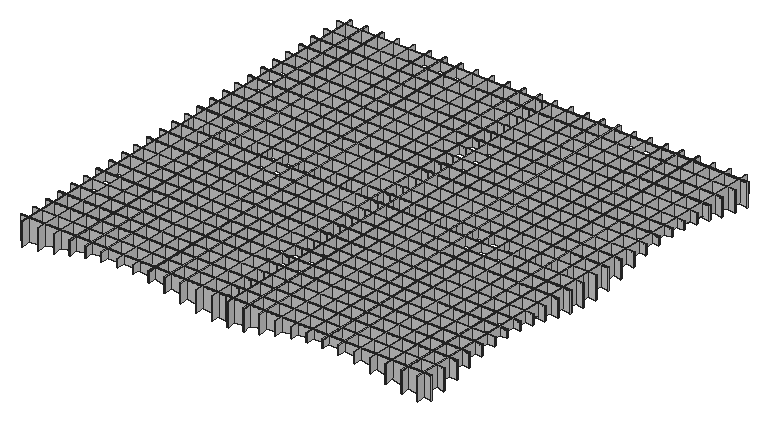
Revit family "CLD-WFL-002_RFA", category Modelos genéricos, Revit 2022 (continued)
Forms (in)
  Extrusion 255, solid
    sketch origin (0, 211.97211, 0) x (1, 0, 0) y (0, 0, 1)
      loop
        spline (62.07278, 7.38525) -> (62.80971, 7.33115) -> (63.54587, 7.27259) -> (64.28121, 7.20951) -> (65.01566, 7.14186) -> (65.74917, 7.06957) -> (66.48169, 6.99259) -> (67.21316, 6.91086) -> (67.94353, 6.82432) -> (68.67277, 6.73297) -> (69.40093, 6.637) -> (70.12806, 6.53658) -> (70.85422, 6.4319)
        spline (70.85422, 6.4319) -> (71.51051, 6.33081) -> (72.16604, 6.22628) -> (72.82086, 6.11849) -> (73.47503, 6.00761) -> (74.12859, 5.89382) -> (74.78159, 5.7773) -> (75.43409, 5.65821) -> (76.08613, 5.53673) -> (76.73777, 5.41305) -> (77.38906, 5.28733) -> (78.04005, 5.15975) -> (78.69078, 5.03049)
        spline (78.69078, 5.03049) -> (79.42214, 4.88265) -> (80.15338, 4.73345) -> (80.88454, 4.58309) -> (81.6157, 4.43177) -> (82.3469, 4.27969) -> (83.07823, 4.12703) -> (83.80973, 3.97401) -> (84.54148, 3.82083) -> (85.27354, 3.66767) -> (86.00597, 3.51473) -> (86.73884, 3.36223) -> (87.47222, 3.21035)
        spline (87.47222, 3.21035) -> (88.12098, 3.07725) -> (88.77034, 2.94516) -> (89.42035, 2.81427) -> (90.07106, 2.68474) -> (90.72253, 2.55674) -> (91.37482, 2.43044) -> (92.02798, 2.30602) -> (92.68208, 2.18365) -> (93.33715, 2.0635) -> (93.99327, 1.94575) -> (94.65048, 1.83055) -> (95.30878, 1.71798)
        spline (95.30878, 1.71798) -> (96.03651, 1.59857) -> (96.76522, 1.48186) -> (97.49484, 1.36779) -> (98.2253, 1.25631) -> (98.95653, 1.14734) -> (99.68844, 1.04084) -> (100.42096, 0.93675) -> (101.15403, 0.83501) -> (101.88757, 0.73557) -> (102.62149, 0.63835) -> (103.35573, 0.54331) -> (104.09022, 0.45039)
        spline (104.09022, 0.45039) -> (104.41609, 0.41056) -> (104.74197, 0.37118) -> (105.06787, 0.33222) -> (105.39376, 0.29369) -> (105.71965, 0.25557) -> (106.04553, 0.21788) -> (106.37138, 0.18058) -> (106.6972, 0.14369) -> (107.02298, 0.10719) -> (107.34871, 0.07108) -> (107.67439, 0.03535) -> (108, 0)
        line (108, 0) -> (108, 11.82144)
    from -0.11811 to 0.35433
  Extrusion 256, solid
    sketch origin (3.79167, 216, 0) x (0, -1, 0) y (0, 0, 1)
      loop
        line (108, 11.82144) -> (0, 11.82144) -> (0, 0)
        spline (0, 0) -> (0.32561, 0.03535) -> (0.65129, 0.07108) -> (0.97702, 0.10719) -> (1.3028, 0.14369) -> (1.62862, 0.18058) -> (1.95447, 0.21788) -> (2.28035, 0.25557) -> (2.60624, 0.29369) -> (2.93213, 0.33222) -> (3.25803, 0.37118) -> (3.58391, 0.41056) -> (3.90978, 0.45039)
        spline (3.90978, 0.45039) -> (4.64427, 0.54331) -> (5.37851, 0.63835) -> (6.11243, 0.73557) -> (6.84597, 0.83501) -> (7.57904, 0.93675) -> (8.31156, 1.04084) -> (9.04347, 1.14734) -> (9.7747, 1.25631) -> (10.50516, 1.36779) -> (11.23478, 1.48186) -> (11.96349, 1.59857) -> (12.69122, 1.71798)
        spline (12.69122, 1.71798) -> (13.38922, 1.83797) -> (14.08606, 1.96074) -> (14.78174, 2.08623) -> (15.47631, 2.21426) -> (16.16984, 2.34463) -> (16.86238, 2.47718) -> (17.55399, 2.61172) -> (18.24473, 2.74807) -> (18.93467, 2.88604) -> (19.62386, 3.02546) -> (20.31235, 3.16614) -> (21.00022, 3.30789)
        spline (21.00022, 3.30789) -> (21.65469, 3.44372) -> (22.3087, 3.5801) -> (22.96232, 3.71687) -> (23.61561, 3.85384) -> (24.26863, 3.99083) -> (24.92142, 4.12768) -> (25.57405, 4.2642) -> (26.22658, 4.40021) -> (26.87906, 4.53554) -> (27.53155, 4.67001) -> (28.18411, 4.80344) -> (28.83678, 4.93566)
        spline (28.83678, 4.93566) -> (29.71888, 5.11051) -> (30.60133, 5.28308) -> (31.48418, 5.45313) -> (32.36752, 5.62042) -> (33.25139, 5.78471) -> (34.13589, 5.94577) -> (35.02106, 6.10336) -> (35.90699, 6.25724) -> (36.79374, 6.40717) -> (37.68137, 6.55291) -> (38.56997, 6.69423) -> (39.45958, 6.83089)
        spline (39.45958, 6.83089) -> (39.81456, 6.88206) -> (40.17002, 6.93114) -> (40.52597, 6.97806) -> (40.88246, 7.0227) -> (41.2395, 7.065) -> (41.59707, 7.10495) -> (41.95516, 7.14258) -> (42.31373, 7.17791) -> (42.67277, 7.21097) -> (43.03223, 7.2418) -> (43.3921, 7.27043) -> (43.75234, 7.29687)
        spline (43.75234, 7.29687) -> (44.62318, 7.35197) -> (45.49474, 7.40207) -> (46.36696, 7.44722) -> (47.23979, 7.48751) -> (48.11314, 7.52299) -> (48.98697, 7.55374) -> (49.8612, 7.57983) -> (50.73577, 7.60132) -> (51.61063, 7.61828) -> (52.48569, 7.63078) -> (53.36091, 7.63889) -> (54.23622, 7.64268)
        spline (54.23622, 7.64268) -> (54.8905, 7.63994) -> (55.54471, 7.63396) -> (56.19881, 7.62471) -> (56.85275, 7.61212) -> (57.50648, 7.59614) -> (58.15996, 7.57673) -> (58.81313, 7.55383) -> (59.46596, 7.5274) -> (60.11838, 7.49738) -> (60.77036, 7.46371) -> (61.42184, 7.42635) -> (62.07278, 7.38525)
        spline (62.07278, 7.38525) -> (62.80971, 7.33115) -> (63.54587, 7.27259) -> (64.28121, 7.20951) -> (65.01566, 7.14186) -> (65.74917, 7.06957) -> (66.48169, 6.99259) -> (67.21316, 6.91086) -> (67.94353, 6.82432) -> (68.67277, 6.73297) -> (69.40093, 6.637) -> (70.12806, 6.53658) -> (70.85422, 6.4319)
        spline (70.85422, 6.4319) -> (71.51051, 6.33081) -> (72.16604, 6.22628) -> (72.82086, 6.11849) -> (73.47503, 6.00761) -> (74.12859, 5.89382) -> (74.78159, 5.7773) -> (75.43409, 5.65821) -> (76.08613, 5.53673) -> (76.73777, 5.41305) -> (77.38906, 5.28733) -> (78.04005, 5.15975) -> (78.69078, 5.03049)
        spline (78.69078, 5.03049) -> (79.42214, 4.88265) -> (80.15338, 4.73345) -> (80.88454, 4.58309) -> (81.6157, 4.43177) -> (82.3469, 4.27969) -> (83.07823, 4.12703) -> (83.80973, 3.97401) -> (84.54148, 3.82083) -> (85.27354, 3.66767) -> (86.00597, 3.51473) -> (86.73884, 3.36223) -> (87.47222, 3.21035)
        spline (87.47222, 3.21035) -> (88.12098, 3.07725) -> (88.77034, 2.94516) -> (89.42035, 2.81427) -> (90.07106, 2.68474) -> (90.72253, 2.55674) -> (91.37482, 2.43044) -> (92.02798, 2.30602) -> (92.68208, 2.18365) -> (93.33715, 2.0635) -> (93.99327, 1.94575) -> (94.65048, 1.83055) -> (95.30878, 1.71798)
        spline (95.30878, 1.71798) -> (96.03651, 1.59857) -> (96.76522, 1.48186) -> (97.49484, 1.36779) -> (98.2253, 1.25631) -> (98.95653, 1.14734) -> (99.68844, 1.04084) -> (100.42096, 0.93675) -> (101.15403, 0.83501) -> (101.88757, 0.73557) -> (102.62149, 0.63835) -> (103.35573, 0.54331) -> (104.09022, 0.45039)
        spline (104.09022, 0.45039) -> (104.41609, 0.41056) -> (104.74197, 0.37118) -> (105.06787, 0.33222) -> (105.39376, 0.29369) -> (105.71965, 0.25557) -> (106.04553, 0.21788) -> (106.37138, 0.18058) -> (106.6972, 0.14369) -> (107.02298, 0.10719) -> (107.34871, 0.07108) -> (107.67439, 0.03535) -> (108, 0)
        line (108, 0) -> (108, 11.82144)
    from -0.11811 to 0
  Extrusion 257, solid
    sketch origin (4.38222, 216, 0) x (0, -1, 0) y (0, 0, 1)
      loop
        line (108, 11.82144) -> (0, 11.82144) -> (0, 0)
        spline (0, 0) -> (0.32561, 0.03535) -> (0.65129, 0.07108) -> (0.97702, 0.10719) -> (1.3028, 0.14369) -> (1.62862, 0.18058) -> (1.95447, 0.21788) -> (2.28035, 0.25557) -> (2.60624, 0.29369) -> (2.93213, 0.33222) -> (3.25803, 0.37118) -> (3.58391, 0.41056) -> (3.90978, 0.45039)
        spline (3.90978, 0.45039) -> (4.64427, 0.54331) -> (5.37851, 0.63835) -> (6.11243, 0.73557) -> (6.84597, 0.83501) -> (7.57904, 0.93675) -> (8.31156, 1.04084) -> (9.04347, 1.14734) -> (9.7747, 1.25631) -> (10.50516, 1.36779) -> (11.23478, 1.48186) -> (11.96349, 1.59857) -> (12.69122, 1.71798)
        spline (12.69122, 1.71798) -> (13.38922, 1.83797) -> (14.08606, 1.96074) -> (14.78174, 2.08623) -> (15.47631, 2.21426) -> (16.16984, 2.34463) -> (16.86238, 2.47718) -> (17.55399, 2.61172) -> (18.24473, 2.74807) -> (18.93467, 2.88604) -> (19.62386, 3.02546) -> (20.31235, 3.16614) -> (21.00022, 3.30789)
        spline (21.00022, 3.30789) -> (21.65469, 3.44372) -> (22.3087, 3.5801) -> (22.96232, 3.71687) -> (23.61561, 3.85384) -> (24.26863, 3.99083) -> (24.92142, 4.12768) -> (25.57405, 4.2642) -> (26.22658, 4.40021) -> (26.87906, 4.53554) -> (27.53155, 4.67001) -> (28.18411, 4.80344) -> (28.83678, 4.93566)
        spline (28.83678, 4.93566) -> (29.71888, 5.11051) -> (30.60133, 5.28308) -> (31.48418, 5.45313) -> (32.36752, 5.62042) -> (33.25139, 5.78471) -> (34.13589, 5.94577) -> (35.02106, 6.10336) -> (35.90699, 6.25724) -> (36.79374, 6.40717) -> (37.68137, 6.55291) -> (38.56997, 6.69423) -> (39.45958, 6.83089)
        spline (39.45958, 6.83089) -> (39.81456, 6.88206) -> (40.17002, 6.93114) -> (40.52597, 6.97806) -> (40.88246, 7.0227) -> (41.2395, 7.065) -> (41.59707, 7.10495) -> (41.95516, 7.14258) -> (42.31373, 7.17791) -> (42.67277, 7.21097) -> (43.03223, 7.2418) -> (43.3921, 7.27043) -> (43.75234, 7.29687)
        spline (43.75234, 7.29687) -> (44.62318, 7.35197) -> (45.49474, 7.40207) -> (46.36696, 7.44722) -> (47.23979, 7.48751) -> (48.11314, 7.52299) -> (48.98697, 7.55374) -> (49.8612, 7.57983) -> (50.73577, 7.60132) -> (51.61063, 7.61828) -> (52.48569, 7.63078) -> (53.36091, 7.63889) -> (54.23622, 7.64268)
        spline (54.23622, 7.64268) -> (54.8905, 7.63994) -> (55.54471, 7.63396) -> (56.19881, 7.62471) -> (56.85275, 7.61212) -> (57.50648, 7.59614) -> (58.15996, 7.57673) -> (58.81313, 7.55383) -> (59.46596, 7.5274) -> (60.11838, 7.49738) -> (60.77036, 7.46371) -> (61.42184, 7.42635) -> (62.07278, 7.38525)
        spline (62.07278, 7.38525) -> (62.80971, 7.33115) -> (63.54587, 7.27259) -> (64.28121, 7.20951) -> (65.01566, 7.14186) -> (65.74917, 7.06957) -> (66.48169, 6.99259) -> (67.21316, 6.91086) -> (67.94353, 6.82432) -> (68.67277, 6.73297) -> (69.40093, 6.637) -> (70.12806, 6.53658) -> (70.85422, 6.4319)
        spline (70.85422, 6.4319) -> (71.51051, 6.33081) -> (72.16604, 6.22628) -> (72.82086, 6.11849) -> (73.47503, 6.00761) -> (74.12859, 5.89382) -> (74.78159, 5.7773) -> (75.43409, 5.65821) -> (76.08613, 5.53673) -> (76.73777, 5.41305) -> (77.38906, 5.28733) -> (78.04005, 5.15975) -> (78.69078, 5.03049)
        spline (78.69078, 5.03049) -> (79.42214, 4.88265) -> (80.15338, 4.73345) -> (80.88454, 4.58309) -> (81.6157, 4.43177) -> (82.3469, 4.27969) -> (83.07823, 4.12703) -> (83.80973, 3.97401) -> (84.54148, 3.82083) -> (85.27354, 3.66767) -> (86.00597, 3.51473) -> (86.73884, 3.36223) -> (87.47222, 3.21035)
        spline (87.47222, 3.21035) -> (88.12098, 3.07725) -> (88.77034, 2.94516) -> (89.42035, 2.81427) -> (90.07106, 2.68474) -> (90.72253, 2.55674) -> (91.37482, 2.43044) -> (92.02798, 2.30602) -> (92.68208, 2.18365) -> (93.33715, 2.0635) -> (93.99327, 1.94575) -> (94.65048, 1.83055) -> (95.30878, 1.71798)
        spline (95.30878, 1.71798) -> (96.03651, 1.59857) -> (96.76522, 1.48186) -> (97.49484, 1.36779) -> (98.2253, 1.25631) -> (98.95653, 1.14734) -> (99.68844, 1.04084) -> (100.42096, 0.93675) -> (101.15403, 0.83501) -> (101.88757, 0.73557) -> (102.62149, 0.63835) -> (103.35573, 0.54331) -> (104.09022, 0.45039)
        spline (104.09022, 0.45039) -> (104.41609, 0.41056) -> (104.74197, 0.37118) -> (105.06787, 0.33222) -> (105.39376, 0.29369) -> (105.71965, 0.25557) -> (106.04553, 0.21788) -> (106.37138, 0.18058) -> (106.6972, 0.14369) -> (107.02298, 0.10719) -> (107.34871, 0.07108) -> (107.67439, 0.03535) -> (108, 0)
        line (108, 0) -> (108, 11.82144)
    from -0.11811 to 0
  Extrusion 258, solid
    sketch origin (4.26411, 216, 0) x (0, -1, 0) y (0, 0, 1)
      loop
        line (108, 11.82144) -> (0, 11.82144) -> (0, 0)
        spline (0, 0) -> (0.32561, 0.03535) -> (0.65129, 0.07108) -> (0.97702, 0.10719) -> (1.3028, 0.14369) -> (1.62862, 0.18058) -> (1.95447, 0.21788) -> (2.28035, 0.25557) -> (2.60624, 0.29369) -> (2.93213, 0.33222) -> (3.25803, 0.37118) -> (3.58391, 0.41056) -> (3.90978, 0.45039)
        spline (3.90978, 0.45039) -> (4.64427, 0.54331) -> (5.37851, 0.63835) -> (6.11243, 0.73557) -> (6.84597, 0.83501) -> (7.57904, 0.93675) -> (8.31156, 1.04084) -> (9.04347, 1.14734) -> (9.7747, 1.25631) -> (10.50516, 1.36779) -> (11.23478, 1.48186) -> (11.96349, 1.59857) -> (12.69122, 1.71798)
        spline (12.69122, 1.71798) -> (13.38922, 1.83797) -> (14.08606, 1.96074) -> (14.78174, 2.08623) -> (15.47631, 2.21426) -> (16.16984, 2.34463) -> (16.86238, 2.47718) -> (17.55399, 2.61172) -> (18.24473, 2.74807) -> (18.93467, 2.88604) -> (19.62386, 3.02546) -> (20.31235, 3.16614) -> (21.00022, 3.30789)
        spline (21.00022, 3.30789) -> (21.65469, 3.44372) -> (22.3087, 3.5801) -> (22.96232, 3.71687) -> (23.61561, 3.85384) -> (24.26863, 3.99083) -> (24.92142, 4.12768) -> (25.57405, 4.2642) -> (26.22658, 4.40021) -> (26.87906, 4.53554) -> (27.53155, 4.67001) -> (28.18411, 4.80344) -> (28.83678, 4.93566)
        spline (28.83678, 4.93566) -> (29.71888, 5.11051) -> (30.60133, 5.28308) -> (31.48418, 5.45313) -> (32.36752, 5.62042) -> (33.25139, 5.78471) -> (34.13589, 5.94577) -> (35.02106, 6.10336) -> (35.90699, 6.25724) -> (36.79374, 6.40717) -> (37.68137, 6.55291) -> (38.56997, 6.69423) -> (39.45958, 6.83089)
        spline (39.45958, 6.83089) -> (39.81456, 6.88206) -> (40.17002, 6.93114) -> (40.52597, 6.97806) -> (40.88246, 7.0227) -> (41.2395, 7.065) -> (41.59707, 7.10495) -> (41.95516, 7.14258) -> (42.31373, 7.17791) -> (42.67277, 7.21097) -> (43.03223, 7.2418) -> (43.3921, 7.27043) -> (43.75234, 7.29687)
        spline (43.75234, 7.29687) -> (44.62318, 7.35197) -> (45.49474, 7.40207) -> (46.36696, 7.44722) -> (47.23979, 7.48751) -> (48.11314, 7.52299) -> (48.98697, 7.55374) -> (49.8612, 7.57983) -> (50.73577, 7.60132) -> (51.61063, 7.61828) -> (52.48569, 7.63078) -> (53.36091, 7.63889) -> (54.23622, 7.64268)
        spline (54.23622, 7.64268) -> (54.8905, 7.63994) -> (55.54471, 7.63396) -> (56.19881, 7.62471) -> (56.85275, 7.61212) -> (57.50648, 7.59614) -> (58.15996, 7.57673) -> (58.81313, 7.55383) -> (59.46596, 7.5274) -> (60.11838, 7.49738) -> (60.77036, 7.46371) -> (61.42184, 7.42635) -> (62.07278, 7.38525)
        spline (62.07278, 7.38525) -> (62.80971, 7.33115) -> (63.54587, 7.27259) -> (64.28121, 7.20951) -> (65.01566, 7.14186) -> (65.74917, 7.06957) -> (66.48169, 6.99259) -> (67.21316, 6.91086) -> (67.94353, 6.82432) -> (68.67277, 6.73297) -> (69.40093, 6.637) -> (70.12806, 6.53658) -> (70.85422, 6.4319)
        spline (70.85422, 6.4319) -> (71.51051, 6.33081) -> (72.16604, 6.22628) -> (72.82086, 6.11849) -> (73.47503, 6.00761) -> (74.12859, 5.89382) -> (74.78159, 5.7773) -> (75.43409, 5.65821) -> (76.08613, 5.53673) -> (76.73777, 5.41305) -> (77.38906, 5.28733) -> (78.04005, 5.15975) -> (78.69078, 5.03049)
        spline (78.69078, 5.03049) -> (79.42214, 4.88265) -> (80.15338, 4.73345) -> (80.88454, 4.58309) -> (81.6157, 4.43177) -> (82.3469, 4.27969) -> (83.07823, 4.12703) -> (83.80973, 3.97401) -> (84.54148, 3.82083) -> (85.27354, 3.66767) -> (86.00597, 3.51473) -> (86.73884, 3.36223) -> (87.47222, 3.21035)
        spline (87.47222, 3.21035) -> (88.12098, 3.07725) -> (88.77034, 2.94516) -> (89.42035, 2.81427) -> (90.07106, 2.68474) -> (90.72253, 2.55674) -> (91.37482, 2.43044) -> (92.02798, 2.30602) -> (92.68208, 2.18365) -> (93.33715, 2.0635) -> (93.99327, 1.94575) -> (94.65048, 1.83055) -> (95.30878, 1.71798)
        spline (95.30878, 1.71798) -> (96.03651, 1.59857) -> (96.76522, 1.48186) -> (97.49484, 1.36779) -> (98.2253, 1.25631) -> (98.95653, 1.14734) -> (99.68844, 1.04084) -> (100.42096, 0.93675) -> (101.15403, 0.83501) -> (101.88757, 0.73557) -> (102.62149, 0.63835) -> (103.35573, 0.54331) -> (104.09022, 0.45039)
        spline (104.09022, 0.45039) -> (104.41609, 0.41056) -> (104.74197, 0.37118) -> (105.06787, 0.33222) -> (105.39376, 0.29369) -> (105.71965, 0.25557) -> (106.04553, 0.21788) -> (106.37138, 0.18058) -> (106.6972, 0.14369) -> (107.02298, 0.10719) -> (107.34871, 0.07108) -> (107.67439, 0.03535) -> (108, 0)
        line (108, 0) -> (108, 11.82144)
    from -0.11811 to 0.35433
  Extrusion 259, solid
    sketch origin (12.10067, 216, 0) x (0, -1, 0) y (0, 0, 1)
      loop
        line (108, 11.82144) -> (0, 11.82144) -> (0, 0.88375)
        spline (0, 0.88375) -> (0.32561, 0.94348) -> (0.65129, 1.00296) -> (0.97702, 1.06219) -> (1.3028, 1.12116) -> (1.62862, 1.1799) -> (1.95447, 1.23838) -> (2.28035, 1.29662) -> (2.60624, 1.35462) -> (2.93213, 1.41237) -> (3.25803, 1.46988) -> (3.58391, 1.52715) -> (3.90978, 1.58418)
        spline (3.90978, 1.58418) -> (4.64426, 1.71122) -> (5.37851, 1.8372) -> (6.11243, 1.96212) -> (6.84596, 2.086) -> (7.57903, 2.20885) -> (8.31155, 2.33067) -> (9.04347, 2.45149) -> (9.77469, 2.57131) -> (10.50515, 2.69014) -> (11.23478, 2.80798) -> (11.96349, 2.92486) -> (12.69122, 3.04079)
        spline (12.69122, 3.04079) -> (13.34952, 3.14441) -> (14.00673, 3.24717) -> (14.66285, 3.34906) -> (15.31792, 3.45005) -> (15.97202, 3.55011) -> (16.62518, 3.64921) -> (17.27747, 3.74732) -> (17.92894, 3.8444) -> (18.57965, 3.94043) -> (19.22966, 4.03537) -> (19.87902, 4.12919) -> (20.52778, 4.22187)
        spline (20.52778, 4.22187) -> (21.26116, 4.32437) -> (21.99403, 4.42546) -> (22.72646, 4.52511) -> (23.45852, 4.62328) -> (24.19027, 4.71993) -> (24.92177, 4.81503) -> (25.6531, 4.90854) -> (26.3843, 5.00042) -> (27.11545, 5.09065) -> (27.84662, 5.17918) -> (28.57786, 5.26598) -> (29.30922, 5.35101)
        spline (29.30922, 5.35101) -> (29.95995, 5.42391) -> (30.61094, 5.49516) -> (31.26223, 5.56472) -> (31.91387, 5.63257) -> (32.56591, 5.69867) -> (33.21841, 5.763) -> (33.87141, 5.82551) -> (34.52497, 5.88618) -> (35.17914, 5.94498) -> (35.83396, 6.00187) -> (36.48949, 6.05683) -> (37.14578, 6.10982)
        spline (37.14578, 6.10982) -> (37.87194, 6.16453) -> (38.59907, 6.21702) -> (39.32723, 6.26723) -> (40.05647, 6.31514) -> (40.78684, 6.36072) -> (41.51831, 6.40397) -> (42.25083, 6.44489) -> (42.98434, 6.4835) -> (43.71879, 6.51981) -> (44.45413, 6.55383) -> (45.19029, 6.58557) -> (45.92722, 6.61503)
        spline (45.92722, 6.61503) -> (46.57816, 6.6376) -> (47.22964, 6.65822) -> (47.88162, 6.67689) -> (48.53404, 6.69363) -> (49.18687, 6.70845) -> (49.84004, 6.72134) -> (50.49352, 6.73234) -> (51.14725, 6.74143) -> (51.80119, 6.74863) -> (52.45529, 6.75396) -> (53.1095, 6.75742) -> (53.76378, 6.75901)
        spline (53.76378, 6.75901) -> (54.49695, 6.7572) -> (55.23004, 6.75331) -> (55.96301, 6.74732) -> (56.6958, 6.73922) -> (57.42835, 6.72901) -> (58.16062, 6.71667) -> (58.89255, 6.7022) -> (59.62408, 6.68557) -> (60.35517, 6.66679) -> (61.08576, 6.64585) -> (61.81579, 6.62272) -> (62.54522, 6.59741)
        spline (62.54522, 6.59741) -> (63.20286, 6.57112) -> (63.85981, 6.54281) -> (64.51602, 6.51247) -> (65.17144, 6.48008) -> (65.82603, 6.44563) -> (66.47973, 6.40912) -> (67.1325, 6.37054) -> (67.78428, 6.32988) -> (68.43505, 6.28713) -> (69.08486, 6.24233) -> (69.73376, 6.19551) -> (70.38178, 6.14669)
        spline (70.38178, 6.14669) -> (71.1172, 6.08737) -> (71.85177, 6.02584) -> (72.58554, 5.96214) -> (73.31858, 5.89631) -> (74.05094, 5.82838) -> (74.78268, 5.75838) -> (75.51386, 5.68636) -> (76.24452, 5.61234) -> (76.97473, 5.53637) -> (77.70455, 5.45847) -> (78.43403, 5.37869) -> (79.16322, 5.29705)
        spline (79.16322, 5.29705) -> (79.81589, 5.22111) -> (80.46845, 5.14359) -> (81.12094, 5.06452) -> (81.77342, 4.98394) -> (82.42595, 4.90188) -> (83.07858, 4.81837) -> (83.73137, 4.73344) -> (84.38439, 4.64713) -> (85.03768, 4.55947) -> (85.6913, 4.47048) -> (86.34531, 4.3802) -> (86.99978, 4.28866)
        spline (86.99978, 4.28866) -> (87.72677, 4.18488) -> (88.45442, 4.07981) -> (89.1828, 3.97349) -> (89.91197, 3.86595) -> (90.64199, 3.75723) -> (91.37293, 3.64737) -> (92.10485, 3.53639) -> (92.8378, 3.42433) -> (93.57186, 3.31123) -> (94.30709, 3.19712) -> (95.04354, 3.08203) -> (95.78122, 2.96599)
        spline (95.78122, 2.96599) -> (96.4698, 2.85601) -> (97.15931, 2.74512) -> (97.84968, 2.63332) -> (98.54085, 2.52058) -> (99.23273, 2.40692) -> (99.92527, 2.2923) -> (100.61838, 2.17673) -> (101.31201, 2.06019) -> (102.00608, 1.94268) -> (102.70052, 1.82418) -> (103.39525, 1.70469) -> (104.09022, 1.58418)
        spline (104.09022, 1.58418) -> (104.41609, 1.52715) -> (104.74197, 1.46988) -> (105.06787, 1.41237) -> (105.39376, 1.35462) -> (105.71965, 1.29662) -> (106.04553, 1.23838) -> (106.37138, 1.1799) -> (106.6972, 1.12116) -> (107.02298, 1.06219) -> (107.34871, 1.00296) -> (107.67439, 0.94348) -> (108, 0.88375)
        line (108, 0.88375) -> (108, 11.82144)
    from -0.11811 to 0
  Extrusion 260, solid
    sketch origin (12.57311, 216, 0) x (0, -1, 0) y (0, 0, 1)
      loop
        line (108, 11.82144) -> (0, 11.82144) -> (0, 0.88375)
        spline (0, 0.88375) -> (0.32561, 0.94348) -> (0.65129, 1.00296) -> (0.97702, 1.06219) -> (1.3028, 1.12116) -> (1.62862, 1.1799) -> (1.95447, 1.23838) -> (2.28035, 1.29662) -> (2.60624, 1.35462) -> (2.93213, 1.41237) -> (3.25803, 1.46988) -> (3.58391, 1.52715) -> (3.90978, 1.58418)
        spline (3.90978, 1.58418) -> (4.64426, 1.71122) -> (5.37851, 1.8372) -> (6.11243, 1.96212) -> (6.84596, 2.086) -> (7.57903, 2.20885) -> (8.31155, 2.33067) -> (9.04347, 2.45149) -> (9.77469, 2.57131) -> (10.50515, 2.69014) -> (11.23478, 2.80798) -> (11.96349, 2.92486) -> (12.69122, 3.04079)
        spline (12.69122, 3.04079) -> (13.34952, 3.14441) -> (14.00673, 3.24717) -> (14.66285, 3.34906) -> (15.31792, 3.45005) -> (15.97202, 3.55011) -> (16.62518, 3.64921) -> (17.27747, 3.74732) -> (17.92894, 3.8444) -> (18.57965, 3.94043) -> (19.22966, 4.03537) -> (19.87902, 4.12919) -> (20.52778, 4.22187)
        spline (20.52778, 4.22187) -> (21.26116, 4.32437) -> (21.99403, 4.42546) -> (22.72646, 4.52511) -> (23.45852, 4.62328) -> (24.19027, 4.71993) -> (24.92177, 4.81503) -> (25.6531, 4.90854) -> (26.3843, 5.00042) -> (27.11545, 5.09065) -> (27.84662, 5.17918) -> (28.57786, 5.26598) -> (29.30922, 5.35101)
        spline (29.30922, 5.35101) -> (29.95995, 5.42391) -> (30.61094, 5.49516) -> (31.26223, 5.56472) -> (31.91387, 5.63257) -> (32.56591, 5.69867) -> (33.21841, 5.763) -> (33.87141, 5.82551) -> (34.52497, 5.88618) -> (35.17914, 5.94498) -> (35.83396, 6.00187) -> (36.48949, 6.05683) -> (37.14578, 6.10982)
        spline (37.14578, 6.10982) -> (37.87194, 6.16453) -> (38.59907, 6.21702) -> (39.32723, 6.26723) -> (40.05647, 6.31514) -> (40.78684, 6.36072) -> (41.51831, 6.40397) -> (42.25083, 6.44489) -> (42.98434, 6.4835) -> (43.71879, 6.51981) -> (44.45413, 6.55383) -> (45.19029, 6.58557) -> (45.92722, 6.61503)
        spline (45.92722, 6.61503) -> (46.57816, 6.6376) -> (47.22964, 6.65822) -> (47.88162, 6.67689) -> (48.53404, 6.69363) -> (49.18687, 6.70845) -> (49.84004, 6.72134) -> (50.49352, 6.73234) -> (51.14725, 6.74143) -> (51.80119, 6.74863) -> (52.45529, 6.75396) -> (53.1095, 6.75742) -> (53.76378, 6.75901)
        spline (53.76378, 6.75901) -> (54.49695, 6.7572) -> (55.23004, 6.75331) -> (55.96301, 6.74732) -> (56.6958, 6.73922) -> (57.42835, 6.72901) -> (58.16062, 6.71667) -> (58.89255, 6.7022) -> (59.62408, 6.68557) -> (60.35517, 6.66679) -> (61.08576, 6.64585) -> (61.81579, 6.62272) -> (62.54522, 6.59741)
        spline (62.54522, 6.59741) -> (63.20286, 6.57112) -> (63.85981, 6.54281) -> (64.51602, 6.51247) -> (65.17144, 6.48008) -> (65.82603, 6.44563) -> (66.47973, 6.40912) -> (67.1325, 6.37054) -> (67.78428, 6.32988) -> (68.43505, 6.28713) -> (69.08486, 6.24233) -> (69.73376, 6.19551) -> (70.38178, 6.14669)
        spline (70.38178, 6.14669) -> (71.1172, 6.08737) -> (71.85177, 6.02584) -> (72.58554, 5.96214) -> (73.31858, 5.89631) -> (74.05094, 5.82838) -> (74.78268, 5.75838) -> (75.51386, 5.68636) -> (76.24452, 5.61234) -> (76.97473, 5.53637) -> (77.70455, 5.45847) -> (78.43403, 5.37869) -> (79.16322, 5.29705)
        spline (79.16322, 5.29705) -> (79.81589, 5.22111) -> (80.46845, 5.14359) -> (81.12094, 5.06452) -> (81.77342, 4.98394) -> (82.42595, 4.90188) -> (83.07858, 4.81837) -> (83.73137, 4.73344) -> (84.38439, 4.64713) -> (85.03768, 4.55947) -> (85.6913, 4.47048) -> (86.34531, 4.3802) -> (86.99978, 4.28866)
        spline (86.99978, 4.28866) -> (87.72677, 4.18488) -> (88.45442, 4.07981) -> (89.1828, 3.97349) -> (89.91197, 3.86595) -> (90.64199, 3.75723) -> (91.37293, 3.64737) -> (92.10485, 3.53639) -> (92.8378, 3.42433) -> (93.57186, 3.31123) -> (94.30709, 3.19712) -> (95.04354, 3.08203) -> (95.78122, 2.96599)
        spline (95.78122, 2.96599) -> (96.4698, 2.85601) -> (97.15931, 2.74512) -> (97.84968, 2.63332) -> (98.54085, 2.52058) -> (99.23273, 2.40692) -> (99.92527, 2.2923) -> (100.61838, 2.17673) -> (101.31201, 2.06019) -> (102.00608, 1.94268) -> (102.70052, 1.82418) -> (103.39525, 1.70469) -> (104.09022, 1.58418)
        spline (104.09022, 1.58418) -> (104.41609, 1.52715) -> (104.74197, 1.46988) -> (105.06787, 1.41237) -> (105.39376, 1.35462) -> (105.71965, 1.29662) -> (106.04553, 1.23838) -> (106.37138, 1.1799) -> (106.6972, 1.12116) -> (107.02298, 1.06219) -> (107.34871, 1.00296) -> (107.67439, 0.94348) -> (108, 0.88375)
        line (108, 0.88375) -> (108, 11.82144)
    from -0.11811 to 0.35433
  Extrusion 261, solid
    sketch origin (20.40967, 216, 0) x (0, -1, 0) y (0, 0, 1)
      loop
        line (108, 11.82144) -> (0, 11.82144) -> (0, 2.55729)
        spline (0, 2.55729) -> (0.32561, 2.61504) -> (0.65129, 2.67215) -> (0.97702, 2.72862) -> (1.3028, 2.78445) -> (1.62862, 2.83963) -> (1.95447, 2.89415) -> (2.28035, 2.94802) -> (2.60624, 3.00123) -> (2.93213, 3.05379) -> (3.25803, 3.10567) -> (3.58391, 3.15689) -> (3.90978, 3.20744)
        spline (3.90978, 3.20744) -> (4.64427, 3.31686) -> (5.37851, 3.42317) -> (6.11243, 3.52634) -> (6.84596, 3.62635) -> (7.57903, 3.72316) -> (8.31156, 3.81675) -> (9.04347, 3.90709) -> (9.77469, 3.99415) -> (10.50515, 4.07789) -> (11.23478, 4.1583) -> (11.96349, 4.23534) -> (12.69122, 4.30898)
        spline (12.69122, 4.30898) -> (13.34952, 4.37039) -> (14.00673, 4.4286) -> (14.66285, 4.48364) -> (15.31792, 4.53559) -> (15.97202, 4.58455) -> (16.62518, 4.63059) -> (17.27747, 4.67381) -> (17.92894, 4.71429) -> (18.57965, 4.75212) -> (19.22966, 4.78738) -> (19.87902, 4.82016) -> (20.52778, 4.85054)
        spline (20.52778, 4.85054) -> (21.26115, 4.88062) -> (21.99402, 4.90823) -> (22.72646, 4.93347) -> (23.45851, 4.95644) -> (24.19026, 4.97724) -> (24.92176, 4.99598) -> (25.65309, 5.01275) -> (26.38429, 5.02764) -> (27.11545, 5.04077) -> (27.84661, 5.05223) -> (28.57785, 5.06211) -> (29.30922, 5.07053)
        spline (29.30922, 5.07053) -> (29.95995, 5.07584) -> (30.61094, 5.08009) -> (31.26223, 5.08336) -> (31.91387, 5.08574) -> (32.56591, 5.08733) -> (33.21841, 5.0882) -> (33.87141, 5.08846) -> (34.52497, 5.08817) -> (35.17914, 5.08744) -> (35.83396, 5.08636) -> (36.48949, 5.085) -> (37.14578, 5.08346)
        spline (37.14578, 5.08346) -> (37.87194, 5.08165) -> (38.59907, 5.0799) -> (39.32723, 5.0783) -> (40.05647, 5.07696) -> (40.78684, 5.07594) -> (41.51831, 5.07527) -> (42.25083, 5.07491) -> (42.98434, 5.07483) -> (43.7188, 5.075) -> (44.45413, 5.07538) -> (45.19029, 5.07596) -> (45.92722, 5.0767)
        spline (45.92722, 5.0767) -> (46.57816, 5.07753) -> (47.22964, 5.07843) -> (47.88162, 5.07937) -> (48.53404, 5.08033) -> (49.18687, 5.08128) -> (49.84004, 5.0822) -> (50.49352, 5.08306) -> (51.14725, 5.08383) -> (51.80119, 5.0845) -> (52.45529, 5.08503) -> (53.1095, 5.0854) -> (53.76378, 5.08558)
        spline (53.76378, 5.08558) -> (54.49695, 5.08542) -> (55.23004, 5.08505) -> (55.96301, 5.0845) -> (56.6958, 5.0838) -> (57.42835, 5.08298) -> (58.16062, 5.08206) -> (58.89255, 5.08107) -> (59.62408, 5.08005) -> (60.35517, 5.07902) -> (61.08576, 5.07801) -> (61.81579, 5.07705) -> (62.54522, 5.07616)
        spline (62.54522, 5.07616) -> (63.20286, 5.07551) -> (63.85981, 5.075) -> (64.51602, 5.07466) -> (65.17144, 5.07452) -> (65.82603, 5.0746) -> (66.47973, 5.07493) -> (67.1325, 5.07554) -> (67.78428, 5.07645) -> (68.43505, 5.07766) -> (69.08486, 5.07909) -> (69.73376, 5.08066) -> (70.38178, 5.08229)
        spline (70.38178, 5.08229) -> (71.1172, 5.08386) -> (71.85177, 5.08523) -> (72.58555, 5.08629) -> (73.31859, 5.08695) -> (74.05095, 5.08712) -> (74.78269, 5.08668) -> (75.51386, 5.08555) -> (76.24453, 5.08362) -> (76.97474, 5.08079) -> (77.70455, 5.07697) -> (78.43403, 5.07206) -> (79.16322, 5.06596)
        spline (79.16322, 5.06596) -> (79.81589, 5.05858) -> (80.46845, 5.04989) -> (81.12094, 5.0398) -> (81.77342, 5.02821) -> (82.42595, 5.01505) -> (83.07858, 5.00022) -> (83.73137, 4.98363) -> (84.38439, 4.9652) -> (85.03768, 4.94483) -> (85.6913, 4.92244) -> (86.34531, 4.89793) -> (86.99978, 4.87123)
        spline (86.99978, 4.87123) -> (87.72677, 4.83707) -> (88.45442, 4.80022) -> (89.18281, 4.7606) -> (89.91198, 4.7181) -> (90.642, 4.67263) -> (91.37294, 4.62408) -> (92.10486, 4.57237) -> (92.83781, 4.5174) -> (93.57187, 4.45907) -> (94.3071, 4.39728) -> (95.04355, 4.33194) -> (95.78122, 4.26301)
        spline (95.78122, 4.26301) -> (96.43065, 4.19725) -> (97.08095, 4.12847) -> (97.73207, 4.05667) -> (98.38393, 3.9819) -> (99.03648, 3.90417) -> (99.68963, 3.82352) -> (100.34334, 3.73996) -> (100.99753, 3.65352) -> (101.65213, 3.56424) -> (102.30709, 3.47213) -> (102.96233, 3.37722) -> (103.61778, 3.27954)
        spline (103.61778, 3.27954) -> (103.98302, 3.22342) -> (104.34828, 3.16655) -> (104.71355, 3.10893) -> (105.07882, 3.05057) -> (105.44409, 2.99146) -> (105.80934, 2.93162) -> (106.17456, 2.87105) -> (106.53976, 2.80974) -> (106.9049, 2.74771) -> (107.27, 2.68496) -> (107.63504, 2.62148) -> (108, 2.55729)
        line (108, 2.55729) -> (108, 11.82144)
    from -0.11811 to 0
  Extrusion 262, solid
    sketch origin (20.52778, 216, 0) x (0, -1, 0) y (0, 0, 1)
      loop
        line (108, 11.82144) -> (0, 11.82144) -> (0, 2.55729)
        spline (0, 2.55729) -> (0.32561, 2.61504) -> (0.65129, 2.67215) -> (0.97702, 2.72862) -> (1.3028, 2.78445) -> (1.62862, 2.83963) -> (1.95447, 2.89415) -> (2.28035, 2.94802) -> (2.60624, 3.00123) -> (2.93213, 3.05379) -> (3.25803, 3.10567) -> (3.58391, 3.15689) -> (3.90978, 3.20744)
        spline (3.90978, 3.20744) -> (4.64427, 3.31686) -> (5.37851, 3.42317) -> (6.11243, 3.52634) -> (6.84596, 3.62635) -> (7.57903, 3.72316) -> (8.31156, 3.81675) -> (9.04347, 3.90709) -> (9.77469, 3.99415) -> (10.50515, 4.07789) -> (11.23478, 4.1583) -> (11.96349, 4.23534) -> (12.69122, 4.30898)
        spline (12.69122, 4.30898) -> (13.34952, 4.37039) -> (14.00673, 4.4286) -> (14.66285, 4.48364) -> (15.31792, 4.53559) -> (15.97202, 4.58455) -> (16.62518, 4.63059) -> (17.27747, 4.67381) -> (17.92894, 4.71429) -> (18.57965, 4.75212) -> (19.22966, 4.78738) -> (19.87902, 4.82016) -> (20.52778, 4.85054)
        spline (20.52778, 4.85054) -> (21.26115, 4.88062) -> (21.99402, 4.90823) -> (22.72646, 4.93347) -> (23.45851, 4.95644) -> (24.19026, 4.97724) -> (24.92176, 4.99598) -> (25.65309, 5.01275) -> (26.38429, 5.02764) -> (27.11545, 5.04077) -> (27.84661, 5.05223) -> (28.57785, 5.06211) -> (29.30922, 5.07053)
        spline (29.30922, 5.07053) -> (29.95995, 5.07584) -> (30.61094, 5.08009) -> (31.26223, 5.08336) -> (31.91387, 5.08574) -> (32.56591, 5.08733) -> (33.21841, 5.0882) -> (33.87141, 5.08846) -> (34.52497, 5.08817) -> (35.17914, 5.08744) -> (35.83396, 5.08636) -> (36.48949, 5.085) -> (37.14578, 5.08346)
        spline (37.14578, 5.08346) -> (37.87194, 5.08165) -> (38.59907, 5.0799) -> (39.32723, 5.0783) -> (40.05647, 5.07696) -> (40.78684, 5.07594) -> (41.51831, 5.07527) -> (42.25083, 5.07491) -> (42.98434, 5.07483) -> (43.7188, 5.075) -> (44.45413, 5.07538) -> (45.19029, 5.07596) -> (45.92722, 5.0767)
        spline (45.92722, 5.0767) -> (46.57816, 5.07753) -> (47.22964, 5.07843) -> (47.88162, 5.07937) -> (48.53404, 5.08033) -> (49.18687, 5.08128) -> (49.84004, 5.0822) -> (50.49352, 5.08306) -> (51.14725, 5.08383) -> (51.80119, 5.0845) -> (52.45529, 5.08503) -> (53.1095, 5.0854) -> (53.76378, 5.08558)
        spline (53.76378, 5.08558) -> (54.49695, 5.08542) -> (55.23004, 5.08505) -> (55.96301, 5.0845) -> (56.6958, 5.0838) -> (57.42835, 5.08298) -> (58.16062, 5.08206) -> (58.89255, 5.08107) -> (59.62408, 5.08005) -> (60.35517, 5.07902) -> (61.08576, 5.07801) -> (61.81579, 5.07705) -> (62.54522, 5.07616)
        spline (62.54522, 5.07616) -> (63.20286, 5.07551) -> (63.85981, 5.075) -> (64.51602, 5.07466) -> (65.17144, 5.07452) -> (65.82603, 5.0746) -> (66.47973, 5.07493) -> (67.1325, 5.07554) -> (67.78428, 5.07645) -> (68.43505, 5.07766) -> (69.08486, 5.07909) -> (69.73376, 5.08066) -> (70.38178, 5.08229)
        spline (70.38178, 5.08229) -> (71.1172, 5.08386) -> (71.85177, 5.08523) -> (72.58555, 5.08629) -> (73.31859, 5.08695) -> (74.05095, 5.08712) -> (74.78269, 5.08668) -> (75.51386, 5.08555) -> (76.24453, 5.08362) -> (76.97474, 5.08079) -> (77.70455, 5.07697) -> (78.43403, 5.07206) -> (79.16322, 5.06596)
        spline (79.16322, 5.06596) -> (79.81589, 5.05858) -> (80.46845, 5.04989) -> (81.12094, 5.0398) -> (81.77342, 5.02821) -> (82.42595, 5.01505) -> (83.07858, 5.00022) -> (83.73137, 4.98363) -> (84.38439, 4.9652) -> (85.03768, 4.94483) -> (85.6913, 4.92244) -> (86.34531, 4.89793) -> (86.99978, 4.87123)
        spline (86.99978, 4.87123) -> (87.72677, 4.83707) -> (88.45442, 4.80022) -> (89.18281, 4.7606) -> (89.91198, 4.7181) -> (90.642, 4.67263) -> (91.37294, 4.62408) -> (92.10486, 4.57237) -> (92.83781, 4.5174) -> (93.57187, 4.45907) -> (94.3071, 4.39728) -> (95.04355, 4.33194) -> (95.78122, 4.26301)
        spline (95.78122, 4.26301) -> (96.43065, 4.19725) -> (97.08095, 4.12847) -> (97.73207, 4.05667) -> (98.38393, 3.9819) -> (99.03648, 3.90417) -> (99.68963, 3.82352) -> (100.34334, 3.73996) -> (100.99753, 3.65352) -> (101.65213, 3.56424) -> (102.30709, 3.47213) -> (102.96233, 3.37722) -> (103.61778, 3.27954)
        spline (103.61778, 3.27954) -> (103.98302, 3.22342) -> (104.34828, 3.16655) -> (104.71355, 3.10893) -> (105.07882, 3.05057) -> (105.44409, 2.99146) -> (105.80934, 2.93162) -> (106.17456, 2.87105) -> (106.53976, 2.80974) -> (106.9049, 2.74771) -> (107.27, 2.68496) -> (107.63504, 2.62148) -> (108, 2.55729)
        line (108, 2.55729) -> (108, 11.82144)
    from -0.47244 to 0
  Extrusion 263, solid
    sketch origin (28.71867, 216, 0) x (0, -1, 0) y (0, 0, 1)
      loop
        line (108, 11.82144) -> (0, 11.82144) -> (0, 4.58891)
        spline (0, 4.58891) -> (0.32561, 4.62796) -> (0.65129, 4.66617) -> (0.97702, 4.70353) -> (1.3028, 4.74004) -> (1.62862, 4.77569) -> (1.95447, 4.81048) -> (2.28035, 4.84439) -> (2.60624, 4.87743) -> (2.93213, 4.90957) -> (3.25803, 4.94083) -> (3.58391, 4.97119) -> (3.90978, 5.00064)
        spline (3.90978, 5.00064) -> (4.64427, 5.06081) -> (5.37851, 5.11675) -> (6.11244, 5.16838) -> (6.84597, 5.21566) -> (7.57904, 5.25851) -> (8.31157, 5.29688) -> (9.04348, 5.33072) -> (9.7747, 5.35995) -> (10.50516, 5.38452) -> (11.23478, 5.40437) -> (11.96349, 5.41944) -> (12.69122, 5.42966)
        spline (12.69122, 5.42966) -> (13.34952, 5.43128) -> (14.00673, 5.42829) -> (14.66285, 5.42076) -> (15.31792, 5.40886) -> (15.97202, 5.39278) -> (16.62518, 5.37269) -> (17.27747, 5.34877) -> (17.92894, 5.32119) -> (18.57965, 5.29014) -> (19.22966, 5.2558) -> (19.87902, 5.21833) -> (20.52778, 5.17793)
        spline (20.52778, 5.17793) -> (21.26115, 5.12722) -> (21.99402, 5.0737) -> (22.72645, 5.01759) -> (23.45851, 4.95908) -> (24.19025, 4.89838) -> (24.92176, 4.8357) -> (25.65308, 4.77124) -> (26.38429, 4.70521) -> (27.11544, 4.63782) -> (27.84661, 4.56926) -> (28.57785, 4.49975) -> (29.30922, 4.42949)
        spline (29.30922, 4.42949) -> (29.95995, 4.366) -> (30.61094, 4.30234) -> (31.26223, 4.2387) -> (31.91387, 4.17525) -> (32.56591, 4.11218) -> (33.21841, 4.04966) -> (33.87141, 3.98789) -> (34.52497, 3.92703) -> (35.17914, 3.86728) -> (35.83396, 3.80881) -> (36.48949, 3.75181) -> (37.14578, 3.69645)
        spline (37.14578, 3.69645) -> (37.87194, 3.63892) -> (38.59907, 3.58371) -> (39.32723, 3.53102) -> (40.05647, 3.48105) -> (40.78684, 3.43397) -> (41.51831, 3.38979) -> (42.25083, 3.34845) -> (42.98434, 3.30989) -> (43.7188, 3.27405) -> (44.45413, 3.24086) -> (45.19029, 3.21027) -> (45.92722, 3.18221)
        spline (45.92722, 3.18221) -> (46.57816, 3.16116) -> (47.22964, 3.14217) -> (47.88162, 3.12519) -> (48.53404, 3.11017) -> (49.18687, 3.09705) -> (49.84004, 3.08579) -> (50.49352, 3.07632) -> (51.14725, 3.06859) -> (51.80119, 3.06255) -> (52.45529, 3.05816) -> (53.1095, 3.05535) -> (53.76378, 3.05407)
        spline (53.76378, 3.05407) -> (54.49695, 3.0556) -> (55.23004, 3.05885) -> (55.96301, 3.06387) -> (56.6958, 3.07073) -> (57.42836, 3.07948) -> (58.16062, 3.09019) -> (58.89255, 3.10292) -> (59.62409, 3.11771) -> (60.35517, 3.13464) -> (61.08576, 3.15376) -> (61.81579, 3.17514) -> (62.54522, 3.19882)
        spline (62.54522, 3.19882) -> (63.20286, 3.22386) -> (63.85981, 3.25117) -> (64.51602, 3.28078) -> (65.17144, 3.31277) -> (65.82603, 3.34719) -> (66.47973, 3.38408) -> (67.1325, 3.42351) -> (67.78428, 3.46553) -> (68.43505, 3.51013) -> (69.08486, 3.55715) -> (69.73376, 3.60642) -> (70.38178, 3.65777)
        spline (70.38178, 3.65777) -> (71.1172, 3.71948) -> (71.85176, 3.78304) -> (72.58554, 3.84824) -> (73.31858, 3.91488) -> (74.05094, 3.98275) -> (74.78268, 4.05166) -> (75.51385, 4.12139) -> (76.24452, 4.19176) -> (76.97473, 4.26254) -> (77.70455, 4.33354) -> (78.43403, 4.40456) -> (79.16322, 4.47539)
        spline (79.16322, 4.47539) -> (79.80403, 4.53723) -> (80.44473, 4.59841) -> (81.08536, 4.65876) -> (81.72599, 4.7181) -> (82.36666, 4.77623) -> (83.00743, 4.83299) -> (83.64836, 4.88819) -> (84.28951, 4.94166) -> (84.93093, 4.9932) -> (85.57267, 5.04265) -> (86.21481, 5.08982) -> (86.85738, 5.13453)
        spline (86.85738, 5.13453) -> (87.59614, 5.18092) -> (88.33559, 5.22395) -> (89.07577, 5.26344) -> (89.81676, 5.29917) -> (90.55862, 5.33094) -> (91.30141, 5.35856) -> (92.04519, 5.38181) -> (92.79004, 5.4005) -> (93.53601, 5.41442) -> (94.28316, 5.42338) -> (95.03157, 5.42716) -> (95.78122, 5.4257)
        spline (95.78122, 5.4257) -> (96.43065, 5.41648) -> (97.08095, 5.40294) -> (97.73207, 5.38513) -> (98.38393, 5.36311) -> (99.03648, 5.33693) -> (99.68963, 5.30665) -> (100.34334, 5.27231) -> (100.99753, 5.23398) -> (101.65213, 5.19169) -> (102.30709, 5.14552) -> (102.96233, 5.09551) -> (103.61778, 5.04172)
        spline (103.61778, 5.04172) -> (103.98301, 5.00943) -> (104.34827, 4.97613) -> (104.71354, 4.94182) -> (105.07881, 4.90651) -> (105.44407, 4.8702) -> (105.80932, 4.83291) -> (106.17455, 4.79465) -> (106.53974, 4.75541) -> (106.90489, 4.71521) -> (107.26999, 4.67406) -> (107.63503, 4.63196) -> (108, 4.58891)
        line (108, 4.58891) -> (108, 11.82144)
    from -0.11811 to 0
  Extrusion 264, solid
    sketch origin (28.83678, 216, 0) x (0, -1, 0) y (0, 0, 1)
      loop
        line (108, 11.82144) -> (0, 11.82144) -> (0, 4.58891)
        spline (0, 4.58891) -> (0.32561, 4.62796) -> (0.65129, 4.66617) -> (0.97702, 4.70353) -> (1.3028, 4.74004) -> (1.62862, 4.77569) -> (1.95447, 4.81048) -> (2.28035, 4.84439) -> (2.60624, 4.87743) -> (2.93213, 4.90957) -> (3.25803, 4.94083) -> (3.58391, 4.97119) -> (3.90978, 5.00064)
        spline (3.90978, 5.00064) -> (4.64427, 5.06081) -> (5.37851, 5.11675) -> (6.11244, 5.16838) -> (6.84597, 5.21566) -> (7.57904, 5.25851) -> (8.31157, 5.29688) -> (9.04348, 5.33072) -> (9.7747, 5.35995) -> (10.50516, 5.38452) -> (11.23478, 5.40437) -> (11.96349, 5.41944) -> (12.69122, 5.42966)
        spline (12.69122, 5.42966) -> (13.34952, 5.43128) -> (14.00673, 5.42829) -> (14.66285, 5.42076) -> (15.31792, 5.40886) -> (15.97202, 5.39278) -> (16.62518, 5.37269) -> (17.27747, 5.34877) -> (17.92894, 5.32119) -> (18.57965, 5.29014) -> (19.22966, 5.2558) -> (19.87902, 5.21833) -> (20.52778, 5.17793)
        spline (20.52778, 5.17793) -> (21.26115, 5.12722) -> (21.99402, 5.0737) -> (22.72645, 5.01759) -> (23.45851, 4.95908) -> (24.19025, 4.89838) -> (24.92176, 4.8357) -> (25.65308, 4.77124) -> (26.38429, 4.70521) -> (27.11544, 4.63782) -> (27.84661, 4.56926) -> (28.57785, 4.49975) -> (29.30922, 4.42949)
        spline (29.30922, 4.42949) -> (29.95995, 4.366) -> (30.61094, 4.30234) -> (31.26223, 4.2387) -> (31.91387, 4.17525) -> (32.56591, 4.11218) -> (33.21841, 4.04966) -> (33.87141, 3.98789) -> (34.52497, 3.92703) -> (35.17914, 3.86728) -> (35.83396, 3.80881) -> (36.48949, 3.75181) -> (37.14578, 3.69645)
        spline (37.14578, 3.69645) -> (37.87194, 3.63892) -> (38.59907, 3.58371) -> (39.32723, 3.53102) -> (40.05647, 3.48105) -> (40.78684, 3.43397) -> (41.51831, 3.38979) -> (42.25083, 3.34845) -> (42.98434, 3.30989) -> (43.7188, 3.27405) -> (44.45413, 3.24086) -> (45.19029, 3.21027) -> (45.92722, 3.18221)
        spline (45.92722, 3.18221) -> (46.57816, 3.16116) -> (47.22964, 3.14217) -> (47.88162, 3.12519) -> (48.53404, 3.11017) -> (49.18687, 3.09705) -> (49.84004, 3.08579) -> (50.49352, 3.07632) -> (51.14725, 3.06859) -> (51.80119, 3.06255) -> (52.45529, 3.05816) -> (53.1095, 3.05535) -> (53.76378, 3.05407)
        spline (53.76378, 3.05407) -> (54.49695, 3.0556) -> (55.23004, 3.05885) -> (55.96301, 3.06387) -> (56.6958, 3.07073) -> (57.42836, 3.07948) -> (58.16062, 3.09019) -> (58.89255, 3.10292) -> (59.62409, 3.11771) -> (60.35517, 3.13464) -> (61.08576, 3.15376) -> (61.81579, 3.17514) -> (62.54522, 3.19882)
        spline (62.54522, 3.19882) -> (63.20286, 3.22386) -> (63.85981, 3.25117) -> (64.51602, 3.28078) -> (65.17144, 3.31277) -> (65.82603, 3.34719) -> (66.47973, 3.38408) -> (67.1325, 3.42351) -> (67.78428, 3.46553) -> (68.43505, 3.51013) -> (69.08486, 3.55715) -> (69.73376, 3.60642) -> (70.38178, 3.65777)
        spline (70.38178, 3.65777) -> (71.1172, 3.71948) -> (71.85176, 3.78304) -> (72.58554, 3.84824) -> (73.31858, 3.91488) -> (74.05094, 3.98275) -> (74.78268, 4.05166) -> (75.51385, 4.12139) -> (76.24452, 4.19176) -> (76.97473, 4.26254) -> (77.70455, 4.33354) -> (78.43403, 4.40456) -> (79.16322, 4.47539)
        spline (79.16322, 4.47539) -> (79.80403, 4.53723) -> (80.44473, 4.59841) -> (81.08536, 4.65876) -> (81.72599, 4.7181) -> (82.36666, 4.77623) -> (83.00743, 4.83299) -> (83.64836, 4.88819) -> (84.28951, 4.94166) -> (84.93093, 4.9932) -> (85.57267, 5.04265) -> (86.21481, 5.08982) -> (86.85738, 5.13453)
        spline (86.85738, 5.13453) -> (87.59614, 5.18092) -> (88.33559, 5.22395) -> (89.07577, 5.26344) -> (89.81676, 5.29917) -> (90.55862, 5.33094) -> (91.30141, 5.35856) -> (92.04519, 5.38181) -> (92.79004, 5.4005) -> (93.53601, 5.41442) -> (94.28316, 5.42338) -> (95.03157, 5.42716) -> (95.78122, 5.4257)
        spline (95.78122, 5.4257) -> (96.43065, 5.41648) -> (97.08095, 5.40294) -> (97.73207, 5.38513) -> (98.38393, 5.36311) -> (99.03648, 5.33693) -> (99.68963, 5.30665) -> (100.34334, 5.27231) -> (100.99753, 5.23398) -> (101.65213, 5.19169) -> (102.30709, 5.14552) -> (102.96233, 5.09551) -> (103.61778, 5.04172)
        spline (103.61778, 5.04172) -> (103.98301, 5.00943) -> (104.34827, 4.97613) -> (104.71354, 4.94182) -> (105.07881, 4.90651) -> (105.44407, 4.8702) -> (105.80932, 4.83291) -> (106.17455, 4.79465) -> (106.53974, 4.75541) -> (106.90489, 4.71521) -> (107.26999, 4.67406) -> (107.63503, 4.63196) -> (108, 4.58891)
        line (108, 4.58891) -> (108, 11.82144)
    from -0.47244 to 0
  Extrusion 265, solid
    sketch origin (37.02767, 216, 0) x (0, -1, 0) y (0, 0, 1)
      loop
        line (108, 11.82144) -> (0, 11.82144) -> (0, 6.40455)
        spline (0, 6.40455) -> (0.32561, 6.42139) -> (0.65129, 6.43729) -> (0.97702, 6.45226) -> (1.3028, 6.46628) -> (1.62862, 6.47935) -> (1.95447, 6.49146) -> (2.28035, 6.50259) -> (2.60624, 6.51274) -> (2.93213, 6.52189) -> (3.25803, 6.53005) -> (3.58391, 6.5372) -> (3.90978, 6.54334)
        spline (3.90978, 6.54334) -> (4.64427, 6.55011) -> (5.37852, 6.55208) -> (6.11244, 6.54917) -> (6.84598, 6.5413) -> (7.57905, 6.52839) -> (8.31157, 6.51035) -> (9.04349, 6.4871) -> (9.77471, 6.45856) -> (10.50517, 6.42465) -> (11.23479, 6.38528) -> (11.9635, 6.34038) -> (12.69122, 6.28985)
        spline (12.69122, 6.28985) -> (13.34952, 6.23514) -> (14.00673, 6.17505) -> (14.66285, 6.10968) -> (15.31792, 6.03926) -> (15.97202, 5.96405) -> (16.62518, 5.88427) -> (17.27747, 5.80017) -> (17.92894, 5.712) -> (18.57965, 5.62) -> (19.22966, 5.52441) -> (19.87902, 5.42547) -> (20.52778, 5.32343)
        spline (20.52778, 5.32343) -> (21.26115, 5.20293) -> (21.99402, 5.07965) -> (22.72645, 4.95385) -> (23.4585, 4.82583) -> (24.19025, 4.69586) -> (24.92176, 4.56423) -> (25.65308, 4.43121) -> (26.38429, 4.29709) -> (27.11544, 4.16214) -> (27.84661, 4.02665) -> (28.57785, 3.8909) -> (29.30922, 3.75516)
        spline (29.30922, 3.75516) -> (29.95995, 3.63466) -> (30.61094, 3.51485) -> (31.26223, 3.39599) -> (31.91387, 3.2783) -> (32.56591, 3.16206) -> (33.21841, 3.04749) -> (33.87141, 2.93486) -> (34.52497, 2.8244) -> (35.17914, 2.71637) -> (35.83396, 2.61101) -> (36.48949, 2.50857) -> (37.14578, 2.4093)
        spline (37.14578, 2.4093) -> (37.87194, 2.30632) -> (38.59907, 2.20751) -> (39.32723, 2.11315) -> (40.05647, 2.02349) -> (40.78684, 1.93878) -> (41.51831, 1.85902) -> (42.25083, 1.78415) -> (42.98434, 1.71406) -> (43.71879, 1.64869) -> (44.45413, 1.58794) -> (45.19029, 1.53174) -> (45.92722, 1.47999)
        spline (45.92722, 1.47999) -> (46.57816, 1.44092) -> (47.22964, 1.40553) -> (47.88162, 1.37376) -> (48.53404, 1.34552) -> (49.18687, 1.32076) -> (49.84004, 1.2994) -> (50.49352, 1.28136) -> (51.14725, 1.26658) -> (51.80119, 1.25497) -> (52.45529, 1.24648) -> (53.1095, 1.24101) -> (53.76378, 1.23852)
        spline (53.76378, 1.23852) -> (54.49695, 1.24145) -> (55.23005, 1.2477) -> (55.96302, 1.25736) -> (56.69581, 1.2705) -> (57.42836, 1.2872) -> (58.16063, 1.30755) -> (58.89256, 1.33163) -> (59.62409, 1.35951) -> (60.35518, 1.39128) -> (61.08577, 1.42702) -> (61.8158, 1.46681) -> (62.54522, 1.51073)
        spline (62.54522, 1.51073) -> (63.20286, 1.5569) -> (63.85981, 1.60706) -> (64.51602, 1.66127) -> (65.17144, 1.7196) -> (65.82603, 1.78214) -> (66.47973, 1.84896) -> (67.1325, 1.92013) -> (67.78428, 1.99572) -> (68.43505, 2.07573) -> (69.08486, 2.15994) -> (69.73376, 2.24811) -> (70.38178, 2.34001)
        spline (70.38178, 2.34001) -> (71.11719, 2.45082) -> (71.85175, 2.56518) -> (72.58552, 2.6828) -> (73.31856, 2.80343) -> (74.05092, 2.92677) -> (74.78266, 3.05256) -> (75.51384, 3.1805) -> (76.2445, 3.31033) -> (76.97472, 3.44177) -> (77.70454, 3.57454) -> (78.43402, 3.70836) -> (79.16322, 3.84296)
        spline (79.16322, 3.84296) -> (79.81589, 3.96449) -> (80.46845, 4.08604) -> (81.12094, 4.20735) -> (81.77342, 4.32817) -> (82.42595, 4.44826) -> (83.07858, 4.56736) -> (83.73137, 4.68523) -> (84.38439, 4.80161) -> (85.03768, 4.91625) -> (85.6913, 5.02891) -> (86.34531, 5.13933) -> (86.99978, 5.24726)
        spline (86.99978, 5.24726) -> (87.72678, 5.36123) -> (88.45444, 5.47173) -> (89.18283, 5.57848) -> (89.91201, 5.68121) -> (90.64203, 5.77964) -> (91.37298, 5.87351) -> (92.10489, 5.96254) -> (92.83785, 6.04646) -> (93.5719, 6.125) -> (94.30712, 6.19789) -> (95.04356, 6.26486) -> (95.78122, 6.32579)
        spline (95.78122, 6.32579) -> (96.46987, 6.37175) -> (97.15943, 6.41238) -> (97.84985, 6.44778) -> (98.54104, 6.47801) -> (99.23294, 6.50316) -> (99.92548, 6.5233) -> (100.61859, 6.53851) -> (101.3122, 6.54886) -> (102.00624, 6.55445) -> (102.70063, 6.55534) -> (103.39532, 6.55161) -> (104.09022, 6.54334)
        spline (104.09022, 6.54334) -> (104.41609, 6.5372) -> (104.74197, 6.53005) -> (105.06787, 6.52189) -> (105.39376, 6.51274) -> (105.71965, 6.50259) -> (106.04553, 6.49146) -> (106.37138, 6.47935) -> (106.6972, 6.46628) -> (107.02298, 6.45226) -> (107.34871, 6.43729) -> (107.67439, 6.42139) -> (108, 6.40455)
        line (108, 6.40455) -> (108, 11.82144)
    from -0.11811 to 0
  Extrusion 266, solid
    sketch origin (37.14578, 216, 0) x (0, -1, 0) y (0, 0, 1)
      loop
        line (108, 11.82144) -> (0, 11.82144) -> (0, 6.40455)
        spline (0, 6.40455) -> (0.32561, 6.42139) -> (0.65129, 6.43729) -> (0.97702, 6.45226) -> (1.3028, 6.46628) -> (1.62862, 6.47935) -> (1.95447, 6.49146) -> (2.28035, 6.50259) -> (2.60624, 6.51274) -> (2.93213, 6.52189) -> (3.25803, 6.53005) -> (3.58391, 6.5372) -> (3.90978, 6.54334)
        spline (3.90978, 6.54334) -> (4.64427, 6.55011) -> (5.37852, 6.55208) -> (6.11244, 6.54917) -> (6.84598, 6.5413) -> (7.57905, 6.52839) -> (8.31157, 6.51035) -> (9.04349, 6.4871) -> (9.77471, 6.45856) -> (10.50517, 6.42465) -> (11.23479, 6.38528) -> (11.9635, 6.34038) -> (12.69122, 6.28985)
        spline (12.69122, 6.28985) -> (13.34952, 6.23514) -> (14.00673, 6.17505) -> (14.66285, 6.10968) -> (15.31792, 6.03926) -> (15.97202, 5.96405) -> (16.62518, 5.88427) -> (17.27747, 5.80017) -> (17.92894, 5.712) -> (18.57965, 5.62) -> (19.22966, 5.52441) -> (19.87902, 5.42547) -> (20.52778, 5.32343)
        spline (20.52778, 5.32343) -> (21.26115, 5.20293) -> (21.99402, 5.07965) -> (22.72645, 4.95385) -> (23.4585, 4.82583) -> (24.19025, 4.69586) -> (24.92176, 4.56423) -> (25.65308, 4.43121) -> (26.38429, 4.29709) -> (27.11544, 4.16214) -> (27.84661, 4.02665) -> (28.57785, 3.8909) -> (29.30922, 3.75516)
        spline (29.30922, 3.75516) -> (29.95995, 3.63466) -> (30.61094, 3.51485) -> (31.26223, 3.39599) -> (31.91387, 3.2783) -> (32.56591, 3.16206) -> (33.21841, 3.04749) -> (33.87141, 2.93486) -> (34.52497, 2.8244) -> (35.17914, 2.71637) -> (35.83396, 2.61101) -> (36.48949, 2.50857) -> (37.14578, 2.4093)
        spline (37.14578, 2.4093) -> (37.87194, 2.30632) -> (38.59907, 2.20751) -> (39.32723, 2.11315) -> (40.05647, 2.02349) -> (40.78684, 1.93878) -> (41.51831, 1.85902) -> (42.25083, 1.78415) -> (42.98434, 1.71406) -> (43.71879, 1.64869) -> (44.45413, 1.58794) -> (45.19029, 1.53174) -> (45.92722, 1.47999)
        spline (45.92722, 1.47999) -> (46.57816, 1.44092) -> (47.22964, 1.40553) -> (47.88162, 1.37376) -> (48.53404, 1.34552) -> (49.18687, 1.32076) -> (49.84004, 1.2994) -> (50.49352, 1.28136) -> (51.14725, 1.26658) -> (51.80119, 1.25497) -> (52.45529, 1.24648) -> (53.1095, 1.24101) -> (53.76378, 1.23852)
        spline (53.76378, 1.23852) -> (54.49695, 1.24145) -> (55.23005, 1.2477) -> (55.96302, 1.25736) -> (56.69581, 1.2705) -> (57.42836, 1.2872) -> (58.16063, 1.30755) -> (58.89256, 1.33163) -> (59.62409, 1.35951) -> (60.35518, 1.39128) -> (61.08577, 1.42702) -> (61.8158, 1.46681) -> (62.54522, 1.51073)
        spline (62.54522, 1.51073) -> (63.20286, 1.5569) -> (63.85981, 1.60706) -> (64.51602, 1.66127) -> (65.17144, 1.7196) -> (65.82603, 1.78214) -> (66.47973, 1.84896) -> (67.1325, 1.92013) -> (67.78428, 1.99572) -> (68.43505, 2.07573) -> (69.08486, 2.15994) -> (69.73376, 2.24811) -> (70.38178, 2.34001)
        spline (70.38178, 2.34001) -> (71.11719, 2.45082) -> (71.85175, 2.56518) -> (72.58552, 2.6828) -> (73.31856, 2.80343) -> (74.05092, 2.92677) -> (74.78266, 3.05256) -> (75.51384, 3.1805) -> (76.2445, 3.31033) -> (76.97472, 3.44177) -> (77.70454, 3.57454) -> (78.43402, 3.70836) -> (79.16322, 3.84296)
        spline (79.16322, 3.84296) -> (79.81589, 3.96449) -> (80.46845, 4.08604) -> (81.12094, 4.20735) -> (81.77342, 4.32817) -> (82.42595, 4.44826) -> (83.07858, 4.56736) -> (83.73137, 4.68523) -> (84.38439, 4.80161) -> (85.03768, 4.91625) -> (85.6913, 5.02891) -> (86.34531, 5.13933) -> (86.99978, 5.24726)
        spline (86.99978, 5.24726) -> (87.72678, 5.36123) -> (88.45444, 5.47173) -> (89.18283, 5.57848) -> (89.91201, 5.68121) -> (90.64203, 5.77964) -> (91.37298, 5.87351) -> (92.10489, 5.96254) -> (92.83785, 6.04646) -> (93.5719, 6.125) -> (94.30712, 6.19789) -> (95.04356, 6.26486) -> (95.78122, 6.32579)
        spline (95.78122, 6.32579) -> (96.46987, 6.37175) -> (97.15943, 6.41238) -> (97.84985, 6.44778) -> (98.54104, 6.47801) -> (99.23294, 6.50316) -> (99.92548, 6.5233) -> (100.61859, 6.53851) -> (101.3122, 6.54886) -> (102.00624, 6.55445) -> (102.70063, 6.55534) -> (103.39532, 6.55161) -> (104.09022, 6.54334)
        spline (104.09022, 6.54334) -> (104.41609, 6.5372) -> (104.74197, 6.53005) -> (105.06787, 6.52189) -> (105.39376, 6.51274) -> (105.71965, 6.50259) -> (106.04553, 6.49146) -> (106.37138, 6.47935) -> (106.6972, 6.46628) -> (107.02298, 6.45226) -> (107.34871, 6.43729) -> (107.67439, 6.42139) -> (108, 6.40455)
        line (108, 6.40455) -> (108, 11.82144)
    from -0.47244 to 0
  Extrusion 267, solid
    sketch origin (45.33667, 216, 0) x (0, -1, 0) y (0, 0, 1)
      loop
        line (108, 11.82144) -> (0, 11.82144) -> (0, 7.49745)
        spline (0, 7.49745) -> (0.32561, 7.50061) -> (0.65129, 7.5028) -> (0.97702, 7.504) -> (1.3028, 7.50421) -> (1.62862, 7.5034) -> (1.95447, 7.50158) -> (2.28035, 7.49874) -> (2.60624, 7.49485) -> (2.93213, 7.48991) -> (3.25803, 7.48392) -> (3.58391, 7.47685) -> (3.90978, 7.46871)
        spline (3.90978, 7.46871) -> (4.64427, 7.44283) -> (5.37852, 7.41184) -> (6.11245, 7.37564) -> (6.84598, 7.33415) -> (7.57905, 7.28726) -> (8.31158, 7.23488) -> (9.04349, 7.17692) -> (9.77471, 7.11327) -> (10.50517, 7.04386) -> (11.23479, 6.96857) -> (11.9635, 6.88732) -> (12.69122, 6.80001)
